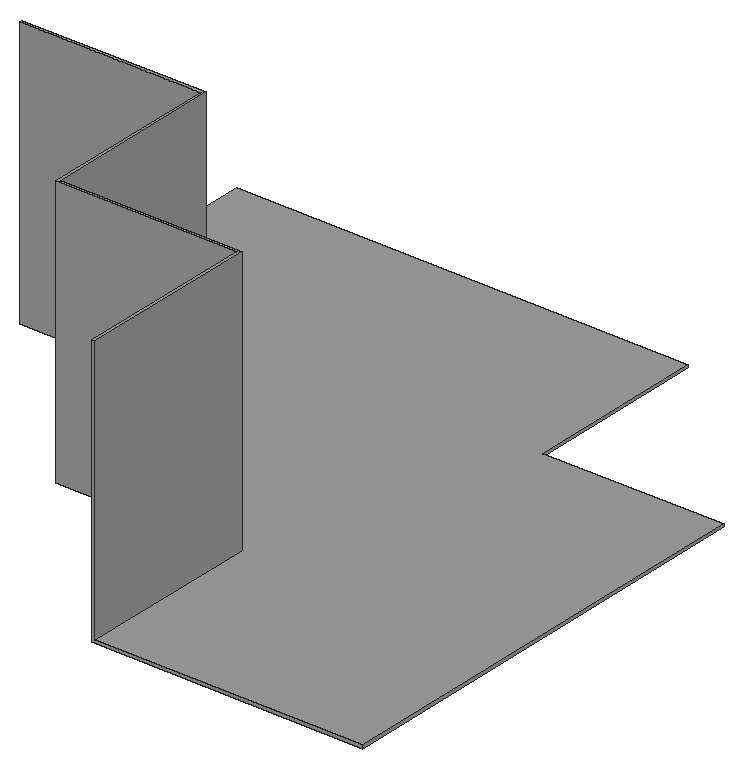
Revit family "Flashing_Preformed_Hyload_Type444", category Generic Models, Revit 2014
Parameters (values of type "As Specified")
  Unit Width = 0' - 8"
  Unit Height = 0' - 6"
  Unit Depth = 0' - 4"
  URL = "http://www.hyload.com/"
  Thickness = 0' - 0 1/16"
  Specification = "http://www.arcat.com/sdspecs/htm04/07_65_00hyl.htm"
  Sales Information = "http://www.hyload.com/contact-us"
  Revision = "R1_12-2015"
  Product Properties = "http://www.hyload.com/masonry-flashing/preformed-shapes/"
  Product Data = "http://www.arcat.com/arcatcos/cos33/arc33176.html"
  Model = "Type 444"
  Manufacturer Website = "http://www.hyload.com/"
  Manufacturer Phone - Toll Free = "800-457-4056"
  Manufacturer Phone = "330-769-3546"
  Manufacturer Fax = "330-769-4153"
  Manufacturer Address = "5020 Panther Pkwy., Seville, OH 44273"
  Manufacturer = "Hyload"
  Keynote = "07 65 00"
  Flashing Material = Hyload Flashing Membrane - Grey
  Drawn By = "Robert S. Weygant / Sumex Design"
  Description = "Preformed Hyload Masonry Flashing - Type 444"
  Copyright = "(c) ARCAT, Inc, 2015"
  Construction Details = "http://www.arcat.com/details/hyload/hyload.html?coid=33176"
  Assembly Code = "B3010400"
Reference planes (in)
  plane 1 "Center (Front/Back)": y = 0
  plane 2: z = 0
  plane 3 "Center (Left/Right)": x = 0
  plane 4: y = 4
  plane 5: x = 4
  plane 6: z = 6
  plane 7: y = -4
  plane 8: x = -4
Forms (in)
  Sweep 1, solid, material "Hyload Flashing Membrane - Grey" <- "Flashing Material"
    path origin (0, 0, 0) x (1, 0, 0) y (0, 1, 0)
      loop
        line (0, -4) -> (0, 0) -> (-4, 0) -> (-4, 4) -> (-8, 4)
    profile origin (0, -2, 0) x (-1, 0, 0) y (0, 0, 1)
      loop
        line (0, 0) -> (0, 6) -> (-0.0625, 6) -> (-0.0625, 0.0625) -> (-6, 0.0625) -> (-6, 0) -> (0, 0)
Dimensions and locks (in)
  "Unit Depth": plane 1 "Center (Front/Back)" to plane 4
  "Unit Depth": plane 3 "Center (Left/Right)" to plane 5
  "Thickness": Sweep 1 sketch curve to plane 3 "Center (Left/Right)"
  "Thickness": Sweep 1 sketch curve to level
  "Unit Height": plane 6 to level
  "Unit Width": plane 8 to plane 5
  "Unit Width": plane 4 to plane 7
  aligned and locked: plane 2 to level
  aligned and locked: Sweep 1 sketch curve to plane 1 "Center (Front/Back)"
  aligned and locked: plane 3 "Center (Left/Right)" to Sweep 1 sketch curve
  aligned and locked: Sweep 1 sketch curve to level
  aligned and locked: plane 6 to Sweep 1 sketch curve
  aligned and locked: plane 7 to Sweep 1 sketch curve
  aligned and locked: plane 4 to Sweep 1 sketch curve
  aligned and locked: plane 8 to Sweep 1 sketch curve
Automatic sketch dimensions
  Sweep 1 sketch curve to profile plane = 0' - 0"
  Sweep 1 sketch curve to Sweep 1 sketch curve = 0' - 5 15/16"
  Sweep 1 sketch curve to Sweep 1 sketch curve = 0' - 4"
